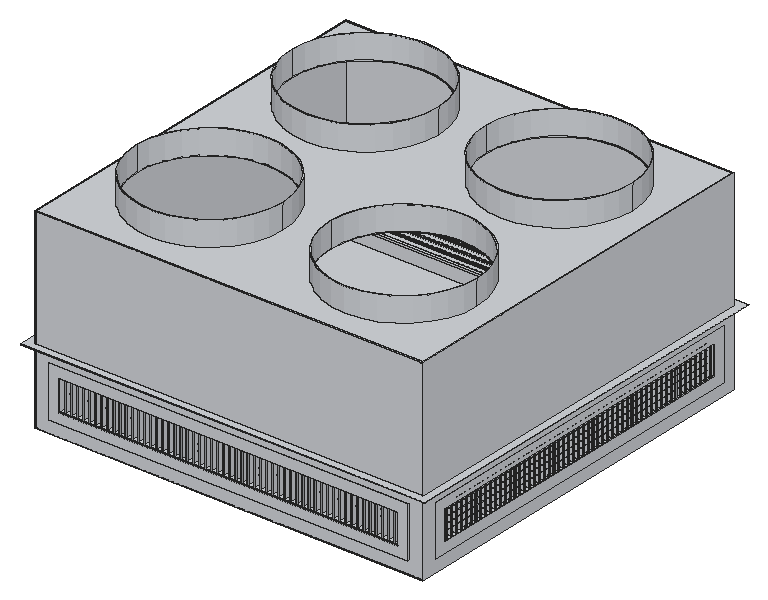
Revit family "model CO-40 diffuser", category Mechanical Equipment, Revit 2015
Parameters
  height [instance] = 2' - 0"
  Width = 3' - 11 3/4"
  Length = 3' - 11 3/4"
Reference planes (in)
  plane 1 "Center (Front/Back)": y = 0
  plane 2: z = 0
  plane 3 "Center (Left/Right)": x = 0
  plane 4: y = 23.875
  plane 5: y = -23.875
  plane 6: x = -23.875
  plane 7: x = 23.875
  plane 8: z = -12
  plane 9: z = 12
  plane 10: x = -23.8272
  plane 11: y = -23.8272
  plane 12: x = 23.8272
  plane 13: y = 23.8272
  plane 14: z = 11.9522
  plane 15: x = -24.875
  plane 16: y = -24.875
  plane 17: x = 24.875
  plane 18: y = 24.875
  plane 19: z = -11.9522
  plane 20: x = -11.9375
  plane 21: x = 11.9375
  plane 22: z = 15
  plane 23: z = -7.50092
  plane 24: x = -21
  plane 25: x = 21
  plane 26: y = 11.9375
  plane 27: y = -11.9375
  plane 28: y = 21
  plane 29: y = -21
  plane 30: y = 13
  plane 31: y = -13
  plane 32: x = -13
  plane 33: x = 13
  plane 34: z = -2.625
  plane 35: z = -2.6728
  plane 36: z = -5.2647
Forms (in)
  Extrusion 1, solid
    sketch origin (0, 0, 0) x (1, 0, 0) y (0, 1, 0)
      loop
        line (-23.875, 23.875) -> (-23.875, -23.875) -> (23.875, -23.875) -> (23.875, 23.875) -> (-23.875, 23.875)
    from 12 to 11.9522
  Extrusion 2, solid
    sketch origin (0, 0, 0) x (1, 0, 0) y (0, 1, 0)
      loop
        line (-23.875, 23.875) -> (-23.875, -23.875) -> (23.875, -23.875) -> (23.875, 23.875) -> (-23.875, 23.875)
      loop
        line (-23.8272, 23.8272) -> (-23.8272, -23.8272) -> (23.8272, -23.8272) -> (23.8272, 23.8272) -> (-23.8272, 23.8272)
    from 12 to -12
  Extrusion 3, solid
    sketch origin (0, 0, 0) x (1, 0, 0) y (0, 1, 0)
      loop
        line (-24.875, 24.875) -> (-24.875, -24.875) -> (24.875, -24.875) -> (24.875, 24.875) -> (-24.875, 24.875)
      loop
        line (23.875, -23.875) -> (23.875, 23.875) -> (-23.875, 23.875) -> (-23.875, -23.875) -> (23.875, -23.875)
    from -2.625 to -2.6728
  Extrusion 4, solid
    sketch origin (0, 0, 0) x (1, 0, 0) y (0, 1, 0)
      loop
        line (-23.875, 23.875) -> (-23.875, -23.875) -> (23.875, -23.875) -> (23.875, 23.875) -> (-23.875, 23.875)
    from -11.9522 to -12
  Extrusion 5, void
    sketch origin (0, 0, 0) x (1, 0, 0) y (0, 1, 0)
      loop
        circle (-11.9375, -11.9375) r 9
    from 0 to 15
  Extrusion 6, void
    sketch origin (23.875, 0, 0) x (1, 0, 0) y (0, 1, 0)
      loop
        circle (-11.9375, -11.9375) r 9
    from 0 to 15
  Extrusion 7, void
    sketch origin (0, 23.875, 0) x (1, 0, 0) y (0, 1, 0)
      loop
        circle (-11.9375, -11.9375) r 9
    from 0 to 15
  Extrusion 8, void
    sketch origin (23.875, 23.875, 0) x (1, 0, 0) y (0, 1, 0)
      loop
        circle (-11.9375, -11.9375) r 9
    from 0 to 15
  Extrusion 9, solid
    sketch origin (0, 0, 0) x (1, 0, 0) y (0, 1, 0)
      loop
        circle (-11.9375, -11.9375) r 9
      loop
        circle (-11.9375, -11.9375) r 9.0478
    from 11.9522 to 15
  Extrusion 10, solid
    sketch origin (23.875, 0, 0) x (1, 0, 0) y (0, 1, 0)
      loop
        circle (-11.9375, -11.9375) r 9
      loop
        circle (-11.9375, -11.9375) r 9.0478
    from 12 to 15
  Extrusion 11, solid
    sketch origin (0, 23.9375, 0) x (1, 0, 0) y (0, 1, 0)
      loop
        circle (-11.9375, -11.9375) r 9
      loop
        circle (-11.9375, -11.9375) r 9.0478
    from 12 to 15
  Extrusion 12, solid
    sketch origin (23.875, 23.9375, 0) x (1, 0, 0) y (0, 1, 0)
      loop
        circle (-11.9375, -11.9375) r 9
      loop
        circle (-11.9375, -11.9375) r 9.0478
    from 12 to 15
  Extrusion 13, void
    sketch origin (0, 0, -1.76378) x (0, 1, 0) y (0, 0, 1)
      loop
        line (21, -3.50092) -> (-21, -3.50092) -> (-21, -7.50092) -> (21, -7.50092) -> (21, -3.50092)
    from -32.01831 to 50
  Extrusion 14, void
    sketch origin (0, 0, -1.76377) x (1, 0, 0) y (0, 0, 1)
      loop
        line (-21, -3.50092) -> (-21, -7.50092) -> (21, -7.50092) -> (21, -3.50092) -> (-21, -3.50092)
    from -34.79944 to 50
  Extrusion 15, void
    sketch origin (0, 0, 0) x (1, 0, 0) y (0, 1, 0)
      loop
        line (-13, 13) -> (-13, -13) -> (13, -13) -> (13, 13) -> (-13, 13)
    from 6 to -12
Cuts and joins
  Extrusion 5, Extrusion 6, Extrusion 7, Extrusion 8 cuts Extrusion 1
  Extrusion 13, Extrusion 14 cuts Extrusion 2
  Extrusion 15 cuts Extrusion 4
Dimensions and locks (in)
  equal spacing: plane 6, plane 3 "Center (Left/Right)", plane 7
  "Length": plane 6 to plane 7
  equal spacing: plane 4, plane 1 "Center (Front/Back)", plane 5
  "Width": plane 4 to plane 5
  locked: plane 6 to plane 10 at 0.0478
  locked: plane 12 to plane 7 at 0.0478
  locked: plane 11 to plane 5 at 0.0478
  locked: plane 13 to plane 4 at 0.0478
  equal spacing: plane 9, level, plane 8
  "height": plane 9 to plane 8
  locked: plane 9 to plane 14 at 0.0478
  locked: plane 5 to plane 16 at 1
  locked: plane 7 to plane 17 at 1
  locked: plane 18 to plane 4 at 1
  locked: plane 15 to plane 6 at 1
  locked: plane 19 to plane 8 at 0.0478
  locked: plane 20 to plane 3 "Center (Left/Right)" at 11.9375
  locked: plane 3 "Center (Left/Right)" to plane 21 at 11.9375
  locked: plane 22 to plane 9 at 3
  locked: plane 3 "Center (Left/Right)" to plane 24 at 21
  locked: plane 25 to plane 3 "Center (Left/Right)" at 21
  locked: plane 1 "Center (Front/Back)" to plane 26 at 11.9375
  locked: plane 27 to plane 1 "Center (Front/Back)" at 11.9375
  plane 28 to plane 1 "Center (Front/Back)" = 1' - 9"
  plane 1 "Center (Front/Back)" to plane 29 = 1' - 9"
  locked: plane 30 to plane 31 at 26
  locked: plane 32 to plane 33 at 26
  locked: plane 34 to plane 8 at 9.375
  locked: plane 34 to plane 35 at 0.0478
  aligned and locked: level to plane 2
  aligned and locked: plane 4 to Extrusion 1
  aligned and locked: plane 6 to Extrusion 1
  aligned and locked: Extrusion 1 to plane 7
  aligned and locked: Extrusion 1 to plane 5
  aligned and locked: plane 9 to Extrusion 1
  aligned and locked: Extrusion 1 to plane 14
  aligned and locked: plane 9 to Extrusion 2
  aligned and locked: Extrusion 2 to plane 8
  aligned and locked: Extrusion 2 to plane 7
  aligned and locked: plane 4 to Extrusion 2
  aligned and locked: plane 13 to Extrusion 2
  aligned and locked: Extrusion 2 to plane 12
  aligned and locked: Extrusion 2 to plane 5
  aligned and locked: plane 6 to Extrusion 2
  aligned and locked: plane 10 to Extrusion 2
  aligned and locked: plane 11 to Extrusion 2
  aligned and locked: Extrusion 4 to plane 19
  aligned and locked: Extrusion 4 to plane 8
  aligned and locked: plane 6 to Extrusion 4
  aligned and locked: plane 4 to Extrusion 4
  aligned and locked: Extrusion 4 to plane 5
  aligned and locked: Extrusion 4 to plane 7
  aligned and locked: Extrusion 9 to plane 14
  aligned and locked: plane 22 to Extrusion 9
  aligned and locked: plane 9 to cut or joined group of Extrusion 1, Extrusion 5, Extrusion 6, Extrusion 7, Extrusion 8
  aligned and locked: plane 22 to Extrusion 10
  aligned and locked: plane 22 to Extrusion 11
  aligned and locked: plane 22 to Extrusion 12
  aligned and locked: nested 1 to plane 1 "Center (Front/Back)"
  aligned and locked: plane 7 to nested 1
  aligned and locked: plane 28 to nested 2
  aligned and locked: nested 2 to plane 29
  aligned and locked: plane 6 to cut or joined group of Extrusion 2, Extrusion 13, Extrusion 14
  aligned and locked: plane 3 "Center (Left/Right)" to nested 3
  aligned and locked: plane 25 to nested 3
  aligned and locked: plane 5 to nested 3
  aligned and locked: plane 4 to cut or joined group of Extrusion 2, Extrusion 13, Extrusion 14
  aligned and locked: plane 24 to nested 4
  aligned and locked: nested 4 to plane 25
  aligned and locked: nested 5 to plane 30
  aligned and locked: nested 5 to plane 31
  aligned and locked: plane 8 to nested 5
  aligned and locked: nested 5 to plane 32
  aligned and locked: plane 33 to cut or joined group of Extrusion 4, Extrusion 15
  aligned and locked: plane 30 to cut or joined group of Extrusion 4, Extrusion 15
  aligned and locked: Extrusion 11 to plane 9
  aligned and locked: Extrusion 12 to plane 9
  aligned and locked: Extrusion 10 to plane 9
  aligned and locked: plane 34 to Extrusion 3
  aligned and locked: Extrusion 3 to plane 35
  aligned and locked: plane 18 to Extrusion 3
  aligned and locked: Extrusion 3 to plane 16
  aligned and locked: nested 2 to plane 36
  aligned and locked: plane 36 to nested 1
  aligned and locked: nested 4 to plane 36
  aligned and locked: plane 36 to nested 3
Automatic sketch dimensions
  Extrusion 1 sketch curve to plane 5 = 0' - 0"
  Extrusion 1 sketch curve to plane 6 = 0' - 0"
  Extrusion 1 sketch curve to plane 7 = 0' - 0"
  Extrusion 1 sketch curve to plane 4 = 0' - 0"
  Extrusion 2 sketch curve to plane 5 = 0' - 0"
  Extrusion 2 sketch curve to plane 6 = 0' - 0"
  Extrusion 2 sketch curve to plane 10 = 0' - 0"
  Extrusion 2 sketch curve to plane 12 = 0' - 0"
  Extrusion 2 sketch curve to plane 4 = 0' - 0"
  Extrusion 2 sketch curve to plane 7 = 0' - 0"
  Extrusion 2 sketch curve to plane 11 = 0' - 0"
  plane 13 to Extrusion 2 sketch curve = 0' - 0"
  Extrusion 3 sketch curve to plane 15 = 0' - 0"
  Extrusion 3 sketch curve to plane 4 = 0' - 0"
  Extrusion 3 sketch curve to plane 6 = 0' - 0"
  Extrusion 3 sketch curve to plane 7 = 0' - 0"
  Extrusion 3 sketch curve to plane 16 = 0' - 0"
  Extrusion 3 sketch curve to plane 17 = 0' - 0"
  Extrusion 3 sketch curve to plane 5 = 0' - 0"
  Extrusion 3 sketch curve to plane 18 = 0' - 0"
  Extrusion 4 sketch curve to plane 5 = 0' - 0"
  Extrusion 4 sketch curve to plane 6 = 0' - 0"
  Extrusion 4 sketch curve to plane 7 = 0' - 0"
  Extrusion 4 sketch curve to plane 4 = 0' - 0"
  Extrusion 5 sketch curve to plane 20 = 0' - 0"
  Extrusion 5 sketch curve to plane 27 = 0' - 0"
  Extrusion 6 sketch curve to plane 21 = 0' - 0"
  Extrusion 6 sketch curve to plane 27 = 0' - 0"
  Extrusion 7 sketch curve to plane 20 = 0' - 0"
  Extrusion 7 sketch curve to plane 26 = 0' - 0"
  Extrusion 8 sketch curve to plane 21 = 0' - 0"
  Extrusion 8 sketch curve to plane 26 = 0' - 0"
  Extrusion 9 sketch curve to Extrusion 9 sketch curve = 0' - 0"  (x2)
  Extrusion 9 sketch curve to plane 20 = 0' - 0"
  Extrusion 9 sketch curve to plane 27 = 0' - 0"
  Extrusion 10 sketch curve to Extrusion 10 sketch curve = 0' - 0"  (x2)
  Extrusion 10 sketch curve to plane 21 = 0' - 0"
  Extrusion 10 sketch curve to plane 27 = 0' - 0"
  Extrusion 11 sketch curve to Extrusion 11 sketch curve = 0' - 0"  (x2)
  Extrusion 11 sketch curve to plane 20 = 0' - 0"
  plane 26 to Extrusion 11 sketch curve = 0' - 0 1/16"
  Extrusion 12 sketch curve to Extrusion 12 sketch curve = 0' - 0"  (x2)
  Extrusion 12 sketch curve to plane 21 = 0' - 0"
  plane 26 to Extrusion 12 sketch curve = 0' - 0 1/16"
  Extrusion 13 sketch curve to plane 29 = 0' - 0"
  Extrusion 13 sketch curve to plane 23 = 0' - 1.76378"
  Extrusion 13 sketch curve to plane 28 = 0' - 0"
  Extrusion 14 sketch curve to plane 23 = 0' - 1.76377"
  Extrusion 14 sketch curve to plane 24 = 0' - 0"
  Extrusion 14 sketch curve to plane 25 = 0' - 0"
  Extrusion 15 sketch curve to plane 31 = 0' - 0"
  Extrusion 15 sketch curve to plane 32 = 0' - 0"
  Extrusion 15 sketch curve to plane 33 = 0' - 0"
  Extrusion 15 sketch curve to plane 30 = 0' - 0"
  Extrusion 13 sketch curve to plane 36 = 0' - 0"
  Extrusion 14 sketch curve to plane 36 = 0' - 0"
  radius of Extrusion 5 sketch curve = 0' - 9"
  radius of Extrusion 6 sketch curve = 0' - 9"
  radius of Extrusion 7 sketch curve = 0' - 9"
  radius of Extrusion 8 sketch curve = 0' - 9"
  radius of Extrusion 9 sketch curve = 0' - 9"
  radius of Extrusion 9 sketch curve = 0' - 9.0478"
  radius of Extrusion 10 sketch curve = 0' - 9"
  radius of Extrusion 10 sketch curve = 0' - 9.0478"
  radius of Extrusion 11 sketch curve = 0' - 9"
  radius of Extrusion 11 sketch curve = 0' - 9.0478"
  radius of Extrusion 12 sketch curve = 0' - 9"
  radius of Extrusion 12 sketch curve = 0' - 9.0478"
Nested families (in)
  nested 1: "Double Diffuser Grille 4" at (22.25, 0, -7.2647) x (0, 1, 0) z (0, 0, 1), type "Double Diffuser Grille 4"
    with Vert. Spacing 0' - 0 3/4", Vert. Number 28, Vert. Blade Height 0' - 3 5/8", Horiz. Spacing 0' - 0 3/4", Horiz. Number 3, Horiz. Blade Width 3' - 5 5/8"
  nested 2: "Double Diffuser Grille 4" at (-22.25, 0, -7.2647) x (0, 1, 0) z (0, 0, 1), type "Double Diffuser Grille 4"
    with Vert. Spacing 0' - 0 3/4", Vert. Number 28, Vert. Blade Height 0' - 3 5/8", Horiz. Spacing 0' - 0 3/4", Horiz. Number 3, Horiz. Blade Width 3' - 5 5/8"
  nested 3: "Double Diffuser Grille 4" at (0, -22.25, -7.2647), type "Double Diffuser Grille 4"
    with Vert. Spacing 0' - 0 3/4", Vert. Number 28, Vert. Blade Height 0' - 3 5/8", Horiz. Spacing 0' - 0 3/4", Horiz. Number 3, Horiz. Blade Width 3' - 5 5/8"
  nested 4: "Double Diffuser Grille 4" at (0, 22.25, -7.2647), type "Double Diffuser Grille 4"
    with Vert. Spacing 0' - 0 3/4", Vert. Number 28, Vert. Blade Height 0' - 3 5/8", Horiz. Spacing 0' - 0 3/4", Horiz. Number 3, Horiz. Blade Width 3' - 5 5/8"
  nested 5: "egg crate grille 4" at (0, 0, -10.375) x (1, 0, 0) z (0, -1, 0), type "egg crate grille 4"
    with Vert. Spacing 0' - 0 3/4", Vert. Number 25, Vert. Blade Height 2' - 1 5/8", Horiz. Spacing 0' - 0 3/4", Horiz. Number 25, Horiz. Blade Width 2' - 1 5/8"
Definition of nested family "Double Diffuser Grille 4"
  Parameters (values of type "Double Diffuser Grille 4")
    Vert. Spacing [instance] = 0' - 0 3/4"
    Vert. Number [instance] = ((Grille Width - 0' 0 1/4") / 0' 0 3/4") / 2  # 28
    Vert. Blade Height [instance] = Grille Height - 0' 0 3/8"  # 0' - 3 5/8"
    Horiz. Spacing [instance] = 0' - 0 3/4"
    Horiz. Number [instance] = ((Grille Height - 0' 0 1/4") / 0' 0 3/4") / 2  # 3
    Horiz. Blade Width [instance] = Grille Width - 0' 0 3/8"  # 3' - 5 5/8"
    Grille Width = 3' - 6"
    Grille Height = 0' - 4"
  Reference planes (in)
    plane 1 "Center (Front/Back)": y = 0
    plane 2: z = 0
    plane 3 "Center (Left/Right)": x = 0
    plane 4: y = -1.75
    plane 5: y = -1.625
    plane 6: x = -21
    plane 7: x = 21
    plane 8: z = -2
    plane 9: z = 2
    plane 10: x = -20.875
    plane 11: z = 1.875
    plane 12: z = -1.875
    plane 13: x = 20.875
    plane 14: x = 22.125
    plane 15: z = -3.125
    plane 16: z = 3.125
    plane 17: x = -22.125
    plane 18: y = -0.8125
  Forms (in)
    Extrusion 1, solid
      sketch origin (0, 0, 0) x (1, 0, 0) y (0, 0, 1)
        loop
          line (-21, -2) -> (21, -2) -> (21, 2) -> (-21, 2) -> (-21, -2)
        loop
          line (-20.875, -1.875) -> (20.875, -1.875) -> (20.875, 1.875) -> (-20.875, 1.875) -> (-20.875, -1.875)
      from 0 to 1.625
    Extrusion 2, solid
      sketch origin (0, 0, 0) x (1, 0, 0) y (0, 0, 1)
        loop
          line (-22.125, -3.125) -> (22.125, -3.125) -> (22.125, 3.125) -> (-22.125, 3.125) -> (-22.125, -3.125)
        loop
          line (-20.875, -1.875) -> (20.875, -1.875) -> (20.875, 1.875) -> (-20.875, 1.875) -> (-20.875, -1.875)
      from 1.625 to 1.75
  Dimensions and locks (in)
    locked: plane 5 to plane 4 at 0.125
    locked: plane 1 "Center (Front/Back)" to plane 5 at 1.625
    equal spacing: plane 9, level, plane 8
    "Grille Height": plane 9 to plane 8
    equal spacing: plane 6, plane 3 "Center (Left/Right)", plane 7
    "Grille Width": plane 6 to plane 7
    locked: plane 9 to plane 11 at 0.125
    locked: plane 12 to plane 8 at 0.125
    locked: plane 6 to plane 10 at 0.125
    locked: plane 7 to plane 13 at 0.125
    locked: plane 16 to plane 9 at 1.125
    locked: plane 8 to plane 15 at 1.125
    locked: plane 6 to plane 17 at 1.125
    locked: plane 14 to plane 7 at 1.125
    locked: plane 1 "Center (Front/Back)" to plane 18 at 0.8125
    equal spacing: group 1, group 2, group 4, group 5, group 6, group 7, group 8, group 9, group 10, group 11, group 12, group 13, group 29, group 30, group 31, group 32, group 37, group 38, group 39, group 40, group 41, group 42, group 43, group 44, group 45, group 46, group 47, group 48  (x3)
    "Vert. Spacing": nested 1 to nested 3
    equal spacing: group 60, group 59, group 58, group 57, group 56, group 55, group 54, group 53, group 52, group 51, group 50, group 49, group 36, group 35, group 34, group 33, group 23, group 22, group 21, group 20, group 19, group 18, group 17, group 16, group 15, group 14, group 3, group 1
    equal spacing: group 1, group 3, group 14, group 15, group 16, group 17, group 18, group 19, group 20, group 21, group 22, group 23, group 33, group 34, group 35, group 36, group 49, group 50, group 51, group 52, group 53, group 54, group 55, group 56, group 57, group 58, group 59, group 60  (x2)
    "Vert. Spacing": nested 4 to nested 1
    equal spacing: group 24, group 25, group 27  (x3)
    "Horiz. Spacing": nested 25 to nested 2
    equal spacing: group 24, group 26, group 28  (x2)
    equal spacing: group 28, group 26, group 24
    "Horiz. Spacing": nested 2 to nested 26
    aligned and locked: level to plane 2
    aligned and locked: plane 6 to Extrusion 1 sketch curve
    aligned and locked: plane 9 to Extrusion 1 sketch curve
    aligned and locked: Extrusion 1 sketch curve to plane 8
    aligned and locked: plane 7 to Extrusion 1 sketch curve
    aligned and locked: plane 13 to Extrusion 1 sketch curve
    aligned and locked: plane 12 to Extrusion 1 sketch curve
    aligned and locked: plane 10 to Extrusion 1 sketch curve
    aligned and locked: plane 11 to Extrusion 1 sketch curve
    aligned and locked: Extrusion 1 to plane 1 "Center (Front/Back)"
    aligned and locked: Extrusion 1 to plane 5
    aligned and locked: Extrusion 2 sketch curve to plane 17
    aligned and locked: Extrusion 2 sketch curve to plane 16
    aligned and locked: Extrusion 2 sketch curve to plane 14
    aligned and locked: plane 15 to Extrusion 2 sketch curve
    aligned and locked: plane 12 to Extrusion 2 sketch curve
    aligned and locked: plane 13 to Extrusion 2 sketch curve
    aligned and locked: plane 11 to Extrusion 2 sketch curve
    aligned and locked: plane 10 to Extrusion 2 sketch curve
    aligned and locked: plane 5 to Extrusion 2
    aligned and locked: Extrusion 2 to plane 4
    aligned and locked: nested 1 to plane 5
    aligned and locked: nested 1 to plane 3 "Center (Left/Right)"
    aligned and locked: nested 2 to plane 18
    aligned and locked: plane 3 "Center (Left/Right)" to nested 2
  Nested families (in)
    nested 1: "Vertical Blade" at (-0.08237, -1.625, 0), type "Vertical Blade"
      with H 0' - 3 5/8"
    nested 2: "Horizontal Blade" at (0, -0.8125, 0), type "Horizontal Blade"
      with L 3' - 5 5/8"
    nested 3: "Vertical Blade" at (0.66763, -1.625, 0), type "Vertical Blade"
      with H 0' - 3 5/8"
    nested 4: "Vertical Blade" at (-0.83237, -1.625, 0), type "Vertical Blade"
      with H 0' - 3 5/8"
    nested 5: "Vertical Blade" at (1.41763, -1.625, 0), type "Vertical Blade"
      with H 0' - 3 5/8"
    nested 6: "Vertical Blade" at (2.16763, -1.625, 0), type "Vertical Blade"
      with H 0' - 3 5/8"
    nested 7: "Vertical Blade" at (2.91763, -1.625, 0), type "Vertical Blade"
      with H 0' - 3 5/8"
    nested 8: "Vertical Blade" at (3.66763, -1.625, 0), type "Vertical Blade"
      with H 0' - 3 5/8"
    nested 9: "Vertical Blade" at (4.41763, -1.625, 0), type "Vertical Blade"
      with H 0' - 3 5/8"
    nested 10: "Vertical Blade" at (5.16763, -1.625, 0), type "Vertical Blade"
      with H 0' - 3 5/8"
    nested 11: "Vertical Blade" at (5.91763, -1.625, 0), type "Vertical Blade"
      with H 0' - 3 5/8"
    nested 12: "Vertical Blade" at (6.66763, -1.625, 0), type "Vertical Blade"
      with H 0' - 3 5/8"
    nested 13: "Vertical Blade" at (7.41763, -1.625, 0), type "Vertical Blade"
      with H 0' - 3 5/8"
    nested 14: "Vertical Blade" at (8.16763, -1.625, 0), type "Vertical Blade"
      with H 0' - 3 5/8"
    nested 15: "Vertical Blade" at (-1.58237, -1.625, 0), type "Vertical Blade"
      with H 0' - 3 5/8"
    nested 16: "Vertical Blade" at (-2.33237, -1.625, 0), type "Vertical Blade"
      with H 0' - 3 5/8"
    nested 17: "Vertical Blade" at (-3.08237, -1.625, 0), type "Vertical Blade"
      with H 0' - 3 5/8"
    nested 18: "Vertical Blade" at (-3.83237, -1.625, 0), type "Vertical Blade"
      with H 0' - 3 5/8"
    nested 19: "Vertical Blade" at (-4.58237, -1.625, 0), type "Vertical Blade"
      with H 0' - 3 5/8"
    nested 20: "Vertical Blade" at (-5.33237, -1.625, 0), type "Vertical Blade"
      with H 0' - 3 5/8"
    nested 21: "Vertical Blade" at (-6.08237, -1.625, 0), type "Vertical Blade"
      with H 0' - 3 5/8"
    nested 22: "Vertical Blade" at (-6.83237, -1.625, 0), type "Vertical Blade"
      with H 0' - 3 5/8"
    nested 23: "Vertical Blade" at (-7.58237, -1.625, 0), type "Vertical Blade"
      with H 0' - 3 5/8"
    nested 24: "Vertical Blade" at (-8.33237, -1.625, 0), type "Vertical Blade"
      with H 0' - 3 5/8"
    nested 25: "Horizontal Blade" at (0, -0.8125, 0.75), type "Horizontal Blade"
      with L 3' - 5 5/8"
    nested 26: "Horizontal Blade" at (0, -0.8125, -0.75), type "Horizontal Blade"
      with L 3' - 5 5/8"
    nested 27: "Horizontal Blade" at (0, -0.8125, 1.5), type "Horizontal Blade"
      with L 3' - 5 5/8"
    nested 28: "Horizontal Blade" at (0, -0.8125, -1.5), type "Horizontal Blade"
      with L 3' - 5 5/8"
    nested 29: "Vertical Blade" at (8.91763, -1.625, 0), type "Vertical Blade"
      with H 0' - 3 5/8"
    nested 30: "Vertical Blade" at (9.66763, -1.625, 0), type "Vertical Blade"
      with H 0' - 3 5/8"
    nested 31: "Vertical Blade" at (10.41763, -1.625, 0), type "Vertical Blade"
      with H 0' - 3 5/8"
    nested 32: "Vertical Blade" at (11.16763, -1.625, 0), type "Vertical Blade"
      with H 0' - 3 5/8"
    nested 33: "Vertical Blade" at (-9.08237, -1.625, 0), type "Vertical Blade"
      with H 0' - 3 5/8"
    nested 34: "Vertical Blade" at (-9.83237, -1.625, 0), type "Vertical Blade"
      with H 0' - 3 5/8"
    nested 35: "Vertical Blade" at (-10.58237, -1.625, 0), type "Vertical Blade"
      with H 0' - 3 5/8"
    nested 36: "Vertical Blade" at (-11.33237, -1.625, 0), type "Vertical Blade"
      with H 0' - 3 5/8"
    nested 37: "Vertical Blade" at (11.91763, -1.625, 0), type "Vertical Blade"
      with H 0' - 3 5/8"
    nested 38: "Vertical Blade" at (12.66763, -1.625, 0), type "Vertical Blade"
      with H 0' - 3 5/8"
    nested 39: "Vertical Blade" at (13.41763, -1.625, 0), type "Vertical Blade"
      with H 0' - 3 5/8"
    nested 40: "Vertical Blade" at (14.16763, -1.625, 0), type "Vertical Blade"
      with H 0' - 3 5/8"
    nested 41: "Vertical Blade" at (14.91763, -1.625, 0), type "Vertical Blade"
      with H 0' - 3 5/8"
    nested 42: "Vertical Blade" at (15.66763, -1.625, 0), type "Vertical Blade"
      with H 0' - 3 5/8"
    nested 43: "Vertical Blade" at (16.41763, -1.625, 0), type "Vertical Blade"
      with H 0' - 3 5/8"
    nested 44: "Vertical Blade" at (17.16763, -1.625, 0), type "Vertical Blade"
      with H 0' - 3 5/8"
    nested 45: "Vertical Blade" at (17.91763, -1.625, 0), type "Vertical Blade"
      with H 0' - 3 5/8"
    nested 46: "Vertical Blade" at (18.66763, -1.625, 0), type "Vertical Blade"
      with H 0' - 3 5/8"
    nested 47: "Vertical Blade" at (19.41763, -1.625, 0), type "Vertical Blade"
      with H 0' - 3 5/8"
    nested 48: "Vertical Blade" at (20.16763, -1.625, 0), type "Vertical Blade"
      with H 0' - 3 5/8"
    nested 49: "Vertical Blade" at (-12.08237, -1.625, 0), type "Vertical Blade"
      with H 0' - 3 5/8"
    nested 50: "Vertical Blade" at (-12.83237, -1.625, 0), type "Vertical Blade"
      with H 0' - 3 5/8"
    nested 51: "Vertical Blade" at (-13.58237, -1.625, 0), type "Vertical Blade"
      with H 0' - 3 5/8"
    nested 52: "Vertical Blade" at (-14.33237, -1.625, 0), type "Vertical Blade"
      with H 0' - 3 5/8"
    nested 53: "Vertical Blade" at (-15.08237, -1.625, 0), type "Vertical Blade"
      with H 0' - 3 5/8"
    nested 54: "Vertical Blade" at (-15.83237, -1.625, 0), type "Vertical Blade"
      with H 0' - 3 5/8"
    nested 55: "Vertical Blade" at (-16.58237, -1.625, 0), type "Vertical Blade"
      with H 0' - 3 5/8"
    nested 56: "Vertical Blade" at (-17.33237, -1.625, 0), type "Vertical Blade"
      with H 0' - 3 5/8"
    nested 57: "Vertical Blade" at (-18.08237, -1.625, 0), type "Vertical Blade"
      with H 0' - 3 5/8"
    nested 58: "Vertical Blade" at (-18.83237, -1.625, 0), type "Vertical Blade"
      with H 0' - 3 5/8"
    nested 59: "Vertical Blade" at (-19.58237, -1.625, 0), type "Vertical Blade"
      with H 0' - 3 5/8"
    nested 60: "Vertical Blade" at (-20.33237, -1.625, 0), type "Vertical Blade"
      with H 0' - 3 5/8"
  Definition of nested family "Vertical Blade"
    Parameters (values of type "Vertical Blade")
      H = 2' - 0"
    Reference planes (in)
      plane 1 "Center (Front/Back)": y = 0
      plane 2: z = 0
      plane 3 "Center (Left/Right)": x = 0
      plane 4: z = 12
      plane 5: z = -12
    Forms (in)
      Extrusion 1, solid
        sketch origin (0, -0.05958, 0) x (1, 0, 0) y (0, 1, 0)
          loop
            arc (0.08237, 0.17216) -> (0.04492, 0.11716) -> (0.07825, 0.05958) r 0.0625
            line (0.07825, 0.05958) -> (0.1365, 0.05958)
            arc (0.1365, 0.05958) -> (0.16983, 0.11716) -> (0.13237, 0.17216) r 0.0625
            line (0.13237, 0.17216) -> (0.13237, 0.80238) -> (0.08237, 0.80238) -> (0.08237, 0.17216)
        from -12 to 12
    Dimensions and locks (in)
      equal spacing: plane 4, level, plane 5
      "H": plane 4 to plane 5
      aligned and locked: level to plane 2
      aligned and locked: plane 4 to Extrusion 1
      aligned and locked: Extrusion 1 to plane 5
    Automatic sketch dimensions
      Extrusion 1 sketch curve to Extrusion 1 sketch curve = 0' - 0"  (x2)
      plane 1 "Center (Front/Back)" to Extrusion 1 sketch curve = 0' - 0"
      plane 3 "Center (Left/Right)" to Extrusion 1 sketch curve = 0' - 0.07825"
      plane 3 "Center (Left/Right)" to Extrusion 1 sketch curve = 0' - 0.08237"
      Extrusion 1 sketch curve to Extrusion 1 sketch curve = 0' - 0.02912"
      Extrusion 1 sketch curve to Extrusion 1 sketch curve = 0' - 0.05"
      Extrusion 1 sketch curve to Extrusion 1 sketch curve = 0' - 0.05825"
      Extrusion 1 sketch curve to plane 1 "Center (Front/Back)" = 0' - 0.0553"
      Extrusion 1 sketch curve to Extrusion 1 sketch curve = 0' - 0.63022"
  Definition of nested family "Horizontal Blade"
    Parameters (values of type "Horizontal Blade")
      L = 3' - 0"
    Reference planes (in)
      plane 1 "Center (Front/Back)": y = 0
      plane 2: z = 0
      plane 3 "Center (Left/Right)": x = 0
      plane 4: x = -18
      plane 5: x = 18
    Forms (in)
      Extrusion 1, solid
        sketch origin (0.10737, -0.05958, -0.10737) x (0, 0, 1) y (0, 1, 0)
          loop
            arc (0.08237, 0.17216) -> (0.04492, 0.11716) -> (0.07825, 0.05958) r 0.0625
            line (0.07825, 0.05958) -> (0.1365, 0.05958)
            arc (0.1365, 0.05958) -> (0.16983, 0.11716) -> (0.13237, 0.17216) r 0.0625
            line (0.13237, 0.17216) -> (0.13237, 0.80238) -> (0.08237, 0.80238) -> (0.08237, 0.17216)
        from -17.89263 to 18.10737
    Dimensions and locks (in)
      equal spacing: plane 4, plane 3 "Center (Left/Right)", plane 5
      "L": plane 4 to plane 5
      aligned and locked: level to plane 2
      aligned and locked: plane 4 to Extrusion 1
      aligned and locked: plane 5 to Extrusion 1
    Automatic sketch dimensions
      Extrusion 1 sketch curve to Extrusion 1 sketch curve = 0' - 0"  (x2)
      Extrusion 1 sketch curve to plane 1 "Center (Front/Back)" = 0' - 0"
      Extrusion 1 sketch curve to level = 0' - 0"
      Extrusion 1 sketch curve to level = 0' - 0.025"
      Extrusion 1 sketch curve to level = 0' - 0.02912"
      level to Extrusion 1 sketch curve = 0' - 0.025"
      level to Extrusion 1 sketch curve = 0' - 0.02912"
      Extrusion 1 sketch curve to plane 1 "Center (Front/Back)" = 0' - 0.0553"
      Extrusion 1 sketch curve to Extrusion 1 sketch curve = 0' - 0.63022"
Definition of nested family "egg crate grille 4"
  Parameters (values of type "egg crate grille 4")
    Vert. Spacing [instance] = 0' - 0 3/4"
    Vert. Number [instance] = ((Grille Width - 0' 0 11/16") / 0' 1")  # 25
    Vert. Blade Height [instance] = Grille Height - 0' 0 3/8"  # 2' - 1 5/8"
    Horiz. Spacing [instance] = 0' - 0 3/4"
    Horiz. Number [instance] = ((Grille Height - 0' 0 5/8") / 0' 1")  # 25
    Horiz. Blade Width [instance] = Grille Width - 0' 0 3/8"  # 2' - 1 5/8"
    Grille Width = 2' - 2"
    Grille Height = 2' - 2"
  Reference planes (in)
    plane 1 "Center (Front/Back)": y = 0
    plane 2: z = 0
    plane 3 "Center (Left/Right)": x = 0
    plane 4: y = -1.75
    plane 5: y = -1.625
    plane 6: x = -13
    plane 7: x = 13
    plane 8: z = -13
    plane 9: z = 13
    plane 10: x = -12.875
    plane 11: z = 12.875
    plane 12: z = -12.875
    plane 13: x = 12.875
    plane 14: x = 14.125
    plane 15: z = -14.125
    plane 16: z = 14.125
    plane 17: x = -14.125
    plane 18: y = -0.625
    plane 19: x = -11.875
    plane 20: z = 11.875
    plane 21: x = -15.3125
    plane 22: x = -11.8125
    plane 23: z = 11.8125
  Forms (in)
    Extrusion 1, solid
      sketch origin (0, 0, 0) x (1, 0, 0) y (0, 0, 1)
        loop
          line (-13, -13) -> (13, -13) -> (13, 13) -> (-13, 13) -> (-13, -13)
        loop
          line (-12.875, -12.875) -> (12.875, -12.875) -> (12.875, 12.875) -> (-12.875, 12.875) -> (-12.875, -12.875)
      from 0 to 1.625
    Extrusion 2, solid
      sketch origin (0, 0, 0) x (1, 0, 0) y (0, 0, 1)
        loop
          line (-14.125, -14.125) -> (14.125, -14.125) -> (14.125, 14.125) -> (-14.125, 14.125) -> (-14.125, -14.125)
        loop
          line (-12.875, -12.875) -> (12.875, -12.875) -> (12.875, 12.875) -> (-12.875, 12.875) -> (-12.875, -12.875)
      from 1.625 to 1.75
    Extrusion 3, solid
      sketch origin (0, 0, 0) x (1, 0, 0) y (0, 1, 0)
        loop
          line (-11.875, -1.75) -> (-11.8125, -1.75) -> (-11.8125, -0.625) -> (-11.875, -0.625) -> (-11.875, -1.75)
      from -12.875 to 12.875
    Extrusion 4, solid
      sketch origin (1, 0, 0) x (1, 0, 0) y (0, 1, 0)
        loop
          line (-11.875, -1.75) -> (-11.8125, -1.75) -> (-11.8125, -0.625) -> (-11.875, -0.625) -> (-11.875, -1.75)
      from -12.875 to 12.875
    Extrusion 5, solid
      sketch origin (2, 0, 0) x (1, 0, 0) y (0, 1, 0)
        loop
          line (-11.875, -1.75) -> (-11.8125, -1.75) -> (-11.8125, -0.625) -> (-11.875, -0.625) -> (-11.875, -1.75)
      from -12.875 to 12.875
    Extrusion 6, solid
      sketch origin (3, 0, 0) x (1, 0, 0) y (0, 1, 0)
        loop
          line (-11.875, -1.75) -> (-11.8125, -1.75) -> (-11.8125, -0.625) -> (-11.875, -0.625) -> (-11.875, -1.75)
      from -12.875 to 12.875
    Extrusion 7, solid
      sketch origin (4, 0, 0) x (1, 0, 0) y (0, 1, 0)
        loop
          line (-11.875, -1.75) -> (-11.8125, -1.75) -> (-11.8125, -0.625) -> (-11.875, -0.625) -> (-11.875, -1.75)
      from -12.875 to 12.875
    Extrusion 8, solid
      sketch origin (5, 0, 0) x (1, 0, 0) y (0, 1, 0)
        loop
          line (-11.875, -1.75) -> (-11.8125, -1.75) -> (-11.8125, -0.625) -> (-11.875, -0.625) -> (-11.875, -1.75)
      from -12.875 to 12.875
    Extrusion 9, solid
      sketch origin (6, 0, 0) x (1, 0, 0) y (0, 1, 0)
        loop
          line (-11.875, -1.75) -> (-11.8125, -1.75) -> (-11.8125, -0.625) -> (-11.875, -0.625) -> (-11.875, -1.75)
      from -12.875 to 12.875
    Extrusion 10, solid
      sketch origin (7, 0, 0) x (1, 0, 0) y (0, 1, 0)
        loop
          line (-11.875, -1.75) -> (-11.8125, -1.75) -> (-11.8125, -0.625) -> (-11.875, -0.625) -> (-11.875, -1.75)
      from -12.875 to 12.875
    Extrusion 11, solid
      sketch origin (8, 0, 0) x (1, 0, 0) y (0, 1, 0)
        loop
          line (-11.875, -1.75) -> (-11.8125, -1.75) -> (-11.8125, -0.625) -> (-11.875, -0.625) -> (-11.875, -1.75)
      from -12.875 to 12.875
    Extrusion 12, solid
      sketch origin (9, 0, 0) x (1, 0, 0) y (0, 1, 0)
        loop
          line (-11.875, -1.75) -> (-11.8125, -1.75) -> (-11.8125, -0.625) -> (-11.875, -0.625) -> (-11.875, -1.75)
      from -12.875 to 12.875
    Extrusion 13, solid
      sketch origin (10, 0, 0) x (1, 0, 0) y (0, 1, 0)
        loop
          line (-11.875, -1.75) -> (-11.8125, -1.75) -> (-11.8125, -0.625) -> (-11.875, -0.625) -> (-11.875, -1.75)
      from -12.875 to 12.875
    Extrusion 14, solid
      sketch origin (11, 0, 0) x (1, 0, 0) y (0, 1, 0)
        loop
          line (-11.875, -1.75) -> (-11.8125, -1.75) -> (-11.8125, -0.625) -> (-11.875, -0.625) -> (-11.875, -1.75)
      from -12.875 to 12.875
    Extrusion 15, solid
      sketch origin (12, 0, 0) x (1, 0, 0) y (0, 1, 0)
        loop
          line (-11.875, -1.75) -> (-11.8125, -1.75) -> (-11.8125, -0.625) -> (-11.875, -0.625) -> (-11.875, -1.75)
      from -12.875 to 12.875
    Extrusion 16, solid
      sketch origin (13, 0, 0) x (1, 0, 0) y (0, 1, 0)
        loop
          line (-11.875, -1.75) -> (-11.8125, -1.75) -> (-11.8125, -0.625) -> (-11.875, -0.625) -> (-11.875, -1.75)
      from -12.875 to 12.875
    Extrusion 17, solid
      sketch origin (14, 0, 0) x (1, 0, 0) y (0, 1, 0)
        loop
          line (-11.875, -1.75) -> (-11.8125, -1.75) -> (-11.8125, -0.625) -> (-11.875, -0.625) -> (-11.875, -1.75)
      from -12.875 to 12.875
    Extrusion 18, solid
      sketch origin (15, 0, 0) x (1, 0, 0) y (0, 1, 0)
        loop
          line (-11.875, -1.75) -> (-11.8125, -1.75) -> (-11.8125, -0.625) -> (-11.875, -0.625) -> (-11.875, -1.75)
      from -12.875 to 12.875
    Extrusion 19, solid
      sketch origin (16, 0, 0) x (1, 0, 0) y (0, 1, 0)
        loop
          line (-11.875, -1.75) -> (-11.8125, -1.75) -> (-11.8125, -0.625) -> (-11.875, -0.625) -> (-11.875, -1.75)
      from -12.875 to 12.875
    Extrusion 20, solid
      sketch origin (17, 0, 0) x (1, 0, 0) y (0, 1, 0)
        loop
          line (-11.875, -1.75) -> (-11.8125, -1.75) -> (-11.8125, -0.625) -> (-11.875, -0.625) -> (-11.875, -1.75)
      from -12.875 to 12.875
    Extrusion 21, solid
      sketch origin (18, 0, 0) x (1, 0, 0) y (0, 1, 0)
        loop
          line (-11.875, -1.75) -> (-11.8125, -1.75) -> (-11.8125, -0.625) -> (-11.875, -0.625) -> (-11.875, -1.75)
      from -12.875 to 12.875
    Extrusion 22, solid
      sketch origin (19, 0, 0) x (1, 0, 0) y (0, 1, 0)
        loop
          line (-11.875, -1.75) -> (-11.8125, -1.75) -> (-11.8125, -0.625) -> (-11.875, -0.625) -> (-11.875, -1.75)
      from -12.875 to 12.875
    Extrusion 23, solid
      sketch origin (20, 0, 0) x (1, 0, 0) y (0, 1, 0)
        loop
          line (-11.875, -1.75) -> (-11.8125, -1.75) -> (-11.8125, -0.625) -> (-11.875, -0.625) -> (-11.875, -1.75)
      from -12.875 to 12.875
    Extrusion 24, solid
      sketch origin (21, 0, 0) x (1, 0, 0) y (0, 1, 0)
        loop
          line (-11.875, -1.75) -> (-11.8125, -1.75) -> (-11.8125, -0.625) -> (-11.875, -0.625) -> (-11.875, -1.75)
      from -12.875 to 12.875
    Extrusion 25, solid
      sketch origin (22, 0, 0) x (1, 0, 0) y (0, 1, 0)
        loop
          line (-11.875, -1.75) -> (-11.8125, -1.75) -> (-11.8125, -0.625) -> (-11.875, -0.625) -> (-11.875, -1.75)
      from -12.875 to 12.875
    Extrusion 26, solid
      sketch origin (23, 0, 0) x (1, 0, 0) y (0, 1, 0)
        loop
          line (-11.875, -1.75) -> (-11.8125, -1.75) -> (-11.8125, -0.625) -> (-11.875, -0.625) -> (-11.875, -1.75)
      from -12.875 to 12.875
    Extrusion 27, solid
      sketch origin (24, 0, 0) x (1, 0, 0) y (0, 1, 0)
        loop
          line (-11.875, -1.75) -> (-11.8125, -1.75) -> (-11.8125, -0.625) -> (-11.875, -0.625) -> (-11.875, -1.75)
      from -12.875 to 12.875
    Extrusion 28, solid
      sketch origin (0, 0, 0) x (0, 1, 0) y (0, 0, 1)
        loop
          line (-1.75, 11.875) -> (-1.75, 11.8125) -> (-0.625, 11.8125) -> (-0.625, 11.875) -> (-1.75, 11.875)
      from -12.875 to 12.875
    Extrusion 29, solid
      sketch origin (0, 0, -1) x (0, 1, 0) y (0, 0, 1)
        loop
          line (-1.75, 11.875) -> (-1.75, 11.8125) -> (-0.625, 11.8125) -> (-0.625, 11.875) -> (-1.75, 11.875)
      from -12.875 to 12.875
    Extrusion 30, solid
      sketch origin (0, 0, -2) x (0, 1, 0) y (0, 0, 1)
        loop
          line (-1.75, 11.875) -> (-1.75, 11.8125) -> (-0.625, 11.8125) -> (-0.625, 11.875) -> (-1.75, 11.875)
      from -12.875 to 12.875
    Extrusion 31, solid
      sketch origin (0, 0, -3) x (0, 1, 0) y (0, 0, 1)
        loop
          line (-1.75, 11.875) -> (-1.75, 11.8125) -> (-0.625, 11.8125) -> (-0.625, 11.875) -> (-1.75, 11.875)
      from -12.875 to 12.875
    Extrusion 32, solid
      sketch origin (0, 0, -4) x (0, 1, 0) y (0, 0, 1)
        loop
          line (-1.75, 11.875) -> (-1.75, 11.8125) -> (-0.625, 11.8125) -> (-0.625, 11.875) -> (-1.75, 11.875)
      from -12.875 to 12.875
    Extrusion 33, solid
      sketch origin (0, 0, -5) x (0, 1, 0) y (0, 0, 1)
        loop
          line (-1.75, 11.875) -> (-1.75, 11.8125) -> (-0.625, 11.8125) -> (-0.625, 11.875) -> (-1.75, 11.875)
      from -12.875 to 12.875
    Extrusion 34, solid
      sketch origin (0, 0, -6) x (0, 1, 0) y (0, 0, 1)
        loop
          line (-1.75, 11.875) -> (-1.75, 11.8125) -> (-0.625, 11.8125) -> (-0.625, 11.875) -> (-1.75, 11.875)
      from -12.875 to 12.875
    Extrusion 35, solid
      sketch origin (0, 0, -7) x (0, 1, 0) y (0, 0, 1)
        loop
          line (-1.75, 11.875) -> (-1.75, 11.8125) -> (-0.625, 11.8125) -> (-0.625, 11.875) -> (-1.75, 11.875)
      from -12.875 to 12.875
    Extrusion 36, solid
      sketch origin (0, 0, -8) x (0, 1, 0) y (0, 0, 1)
        loop
          line (-1.75, 11.875) -> (-1.75, 11.8125) -> (-0.625, 11.8125) -> (-0.625, 11.875) -> (-1.75, 11.875)
      from -12.875 to 12.875
    Extrusion 37, solid
      sketch origin (0, 0, -9) x (0, 1, 0) y (0, 0, 1)
        loop
          line (-1.75, 11.875) -> (-1.75, 11.8125) -> (-0.625, 11.8125) -> (-0.625, 11.875) -> (-1.75, 11.875)
      from -12.875 to 12.875
    Extrusion 38, solid
      sketch origin (0, 0, -10) x (0, 1, 0) y (0, 0, 1)
        loop
          line (-1.75, 11.875) -> (-1.75, 11.8125) -> (-0.625, 11.8125) -> (-0.625, 11.875) -> (-1.75, 11.875)
      from -12.875 to 12.875
    Extrusion 39, solid
      sketch origin (0, 0, -11) x (0, 1, 0) y (0, 0, 1)
        loop
          line (-1.75, 11.875) -> (-1.75, 11.8125) -> (-0.625, 11.8125) -> (-0.625, 11.875) -> (-1.75, 11.875)
      from -12.875 to 12.875
    Extrusion 40, solid
      sketch origin (0, 0, -12) x (0, 1, 0) y (0, 0, 1)
        loop
          line (-1.75, 11.875) -> (-1.75, 11.8125) -> (-0.625, 11.8125) -> (-0.625, 11.875) -> (-1.75, 11.875)
      from -12.875 to 12.875
    Extrusion 41, solid
      sketch origin (0, 0, -13) x (0, 1, 0) y (0, 0, 1)
        loop
          line (-1.75, 11.875) -> (-1.75, 11.8125) -> (-0.625, 11.8125) -> (-0.625, 11.875) -> (-1.75, 11.875)
      from -12.875 to 12.875
    Extrusion 42, solid
      sketch origin (0, 0, -14) x (0, 1, 0) y (0, 0, 1)
        loop
          line (-1.75, 11.875) -> (-1.75, 11.8125) -> (-0.625, 11.8125) -> (-0.625, 11.875) -> (-1.75, 11.875)
      from -12.875 to 12.875
    Extrusion 43, solid
      sketch origin (0, 0, -15) x (0, 1, 0) y (0, 0, 1)
        loop
          line (-1.75, 11.875) -> (-1.75, 11.8125) -> (-0.625, 11.8125) -> (-0.625, 11.875) -> (-1.75, 11.875)
      from -12.875 to 12.875
    Extrusion 44, solid
      sketch origin (0, 0, -16) x (0, 1, 0) y (0, 0, 1)
        loop
          line (-1.75, 11.875) -> (-1.75, 11.8125) -> (-0.625, 11.8125) -> (-0.625, 11.875) -> (-1.75, 11.875)
      from -12.875 to 12.875
    Extrusion 45, solid
      sketch origin (0, 0, -17) x (0, 1, 0) y (0, 0, 1)
        loop
          line (-1.75, 11.875) -> (-1.75, 11.8125) -> (-0.625, 11.8125) -> (-0.625, 11.875) -> (-1.75, 11.875)
      from -12.875 to 12.875
    Extrusion 46, solid
      sketch origin (0, 0, -18) x (0, 1, 0) y (0, 0, 1)
        loop
          line (-1.75, 11.875) -> (-1.75, 11.8125) -> (-0.625, 11.8125) -> (-0.625, 11.875) -> (-1.75, 11.875)
      from -12.875 to 12.875
    Extrusion 47, solid
      sketch origin (0, 0, -19) x (0, 1, 0) y (0, 0, 1)
        loop
          line (-1.75, 11.875) -> (-1.75, 11.8125) -> (-0.625, 11.8125) -> (-0.625, 11.875) -> (-1.75, 11.875)
      from -12.875 to 12.875
    Extrusion 48, solid
      sketch origin (0, 0, -20) x (0, 1, 0) y (0, 0, 1)
        loop
          line (-1.75, 11.875) -> (-1.75, 11.8125) -> (-0.625, 11.8125) -> (-0.625, 11.875) -> (-1.75, 11.875)
      from -12.875 to 12.875
    Extrusion 49, solid
      sketch origin (0, 0, -21) x (0, 1, 0) y (0, 0, 1)
        loop
          line (-1.75, 11.875) -> (-1.75, 11.8125) -> (-0.625, 11.8125) -> (-0.625, 11.875) -> (-1.75, 11.875)
      from -12.875 to 12.875
    Extrusion 50, solid
      sketch origin (0, 0, -22) x (0, 1, 0) y (0, 0, 1)
        loop
          line (-1.75, 11.875) -> (-1.75, 11.8125) -> (-0.625, 11.8125) -> (-0.625, 11.875) -> (-1.75, 11.875)
      from -12.875 to 12.875
    Extrusion 51, solid
      sketch origin (0, 0, -23) x (0, 1, 0) y (0, 0, 1)
        loop
          line (-1.75, 11.875) -> (-1.75, 11.8125) -> (-0.625, 11.8125) -> (-0.625, 11.875) -> (-1.75, 11.875)
      from -12.875 to 12.875
    Extrusion 52, solid
      sketch origin (0, 0, -24) x (0, 1, 0) y (0, 0, 1)
        loop
          line (-1.75, 11.875) -> (-1.75, 11.8125) -> (-0.625, 11.8125) -> (-0.625, 11.875) -> (-1.75, 11.875)
      from -12.875 to 12.875
  Dimensions and locks (in)
    locked: plane 5 to plane 4 at 0.125
    locked: plane 1 "Center (Front/Back)" to plane 5 at 1.625
    equal spacing: plane 9, level, plane 8
    "Grille Height": plane 9 to plane 8
    equal spacing: plane 6, plane 3 "Center (Left/Right)", plane 7
    "Grille Width": plane 6 to plane 7
    locked: plane 9 to plane 11 at 0.125
    locked: plane 12 to plane 8 at 0.125
    locked: plane 6 to plane 10 at 0.125
    locked: plane 7 to plane 13 at 0.125
    locked: plane 16 to plane 9 at 1.125
    locked: plane 8 to plane 15 at 1.125
    locked: plane 6 to plane 17 at 1.125
    locked: plane 14 to plane 7 at 1.125
    locked: plane 10 to plane 19 at 1
    locked: plane 18 to plane 5 at 1
    locked: plane 11 to plane 20 at 1
    equal spacing: group 1, group 2, group 3, group 4, group 5, group 6, group 7, group 8, group 9, group 10, group 11, group 12, group 13, group 14, group 15, group 16, group 17, group 18, group 19, group 20, group 21, group 22, group 23, group 24, group 25  (x3)
    locked: Extrusion 3 to Extrusion 4 at 1
    equal spacing: group 26, group 27, group 28, group 29, group 30, group 31, group 32, group 33, group 34, group 35, group 36, group 37, group 38, group 39, group 40, group 41, group 42, group 43, group 44, group 45, group 46, group 47, group 48, group 49, group 50  (x2)
    equal spacing: group 50, group 49, group 48, group 47, group 46, group 45, group 44, group 43, group 42, group 41, group 40, group 39, group 38, group 37, group 36, group 35, group 34, group 33, group 32, group 31, group 30, group 29, group 28, group 27, group 26
    locked: Extrusion 29 to Extrusion 28 at 1
    aligned and locked: level to plane 2
    aligned and locked: plane 6 to Extrusion 1 sketch curve
    aligned and locked: plane 9 to Extrusion 1 sketch curve
    aligned and locked: Extrusion 1 sketch curve to plane 8
    aligned and locked: plane 7 to Extrusion 1 sketch curve
    aligned and locked: plane 13 to Extrusion 1 sketch curve
    aligned and locked: plane 12 to Extrusion 1 sketch curve
    aligned and locked: plane 10 to Extrusion 1 sketch curve
    aligned and locked: plane 11 to Extrusion 1 sketch curve
    aligned and locked: Extrusion 1 to plane 1 "Center (Front/Back)"
    aligned and locked: Extrusion 1 to plane 5
    aligned and locked: Extrusion 2 sketch curve to plane 17
    aligned and locked: plane 16 to Extrusion 2 sketch curve
    aligned and locked: Extrusion 2 sketch curve to plane 14
    aligned and locked: plane 15 to Extrusion 2 sketch curve
    aligned and locked: plane 12 to Extrusion 2 sketch curve
    aligned and locked: plane 13 to Extrusion 2 sketch curve
    aligned and locked: plane 11 to Extrusion 2 sketch curve
    aligned and locked: plane 10 to Extrusion 2 sketch curve
    aligned and locked: plane 5 to Extrusion 2
    aligned and locked: Extrusion 2 to plane 4
    aligned and locked: plane 11 to Extrusion 3
    aligned and locked: plane 12 to Extrusion 3
    aligned and locked: Extrusion 4 to plane 4
    aligned and locked: plane 10 to Extrusion 28
    aligned and locked: plane 13 to Extrusion 28
    aligned and locked: Extrusion 29 to plane 4
  Automatic sketch dimensions
    Extrusion 3 sketch curve to Extrusion 3 sketch curve = 0' - 0 1/16"
    Extrusion 3 sketch curve to Extrusion 3 sketch curve = 0' - 1 1/8"
    Extrusion 4 sketch curve to Extrusion 4 sketch curve = 0' - 0 1/16"
    Extrusion 4 sketch curve to Extrusion 4 sketch curve = 0' - 1 1/8"
    Extrusion 5 sketch curve to Extrusion 5 sketch curve = 0' - 0 1/16"
    Extrusion 5 sketch curve to Extrusion 5 sketch curve = 0' - 1 1/8"
    Extrusion 6 sketch curve to Extrusion 6 sketch curve = 0' - 0 1/16"
    Extrusion 6 sketch curve to Extrusion 6 sketch curve = 0' - 1 1/8"
    Extrusion 7 sketch curve to Extrusion 7 sketch curve = 0' - 0 1/16"
    Extrusion 7 sketch curve to Extrusion 7 sketch curve = 0' - 1 1/8"
    Extrusion 8 sketch curve to Extrusion 8 sketch curve = 0' - 0 1/16"
    Extrusion 8 sketch curve to Extrusion 8 sketch curve = 0' - 1 1/8"
    Extrusion 9 sketch curve to Extrusion 9 sketch curve = 0' - 0 1/16"
    Extrusion 9 sketch curve to Extrusion 9 sketch curve = 0' - 1 1/8"
    Extrusion 10 sketch curve to Extrusion 10 sketch curve = 0' - 0 1/16"
    Extrusion 10 sketch curve to Extrusion 10 sketch curve = 0' - 1 1/8"
    Extrusion 11 sketch curve to Extrusion 11 sketch curve = 0' - 0 1/16"
    Extrusion 11 sketch curve to Extrusion 11 sketch curve = 0' - 1 1/8"
    Extrusion 12 sketch curve to Extrusion 12 sketch curve = 0' - 0 1/16"
    Extrusion 12 sketch curve to Extrusion 12 sketch curve = 0' - 1 1/8"
    Extrusion 13 sketch curve to Extrusion 13 sketch curve = 0' - 0 1/16"
    Extrusion 13 sketch curve to Extrusion 13 sketch curve = 0' - 1 1/8"
    Extrusion 14 sketch curve to Extrusion 14 sketch curve = 0' - 0 1/16"
    Extrusion 14 sketch curve to Extrusion 14 sketch curve = 0' - 1 1/8"
    Extrusion 15 sketch curve to Extrusion 15 sketch curve = 0' - 0 1/16"
    Extrusion 15 sketch curve to Extrusion 15 sketch curve = 0' - 1 1/8"
    Extrusion 16 sketch curve to Extrusion 16 sketch curve = 0' - 0 1/16"
    Extrusion 16 sketch curve to Extrusion 16 sketch curve = 0' - 1 1/8"
    Extrusion 17 sketch curve to Extrusion 17 sketch curve = 0' - 0 1/16"
    Extrusion 17 sketch curve to Extrusion 17 sketch curve = 0' - 1 1/8"
    Extrusion 18 sketch curve to Extrusion 18 sketch curve = 0' - 0 1/16"
    Extrusion 18 sketch curve to Extrusion 18 sketch curve = 0' - 1 1/8"
    Extrusion 19 sketch curve to Extrusion 19 sketch curve = 0' - 0 1/16"
    Extrusion 19 sketch curve to Extrusion 19 sketch curve = 0' - 1 1/8"
    Extrusion 20 sketch curve to Extrusion 20 sketch curve = 0' - 0 1/16"
    Extrusion 20 sketch curve to Extrusion 20 sketch curve = 0' - 1 1/8"
    Extrusion 21 sketch curve to Extrusion 21 sketch curve = 0' - 0 1/16"
    Extrusion 21 sketch curve to Extrusion 21 sketch curve = 0' - 1 1/8"
    Extrusion 22 sketch curve to Extrusion 22 sketch curve = 0' - 0 1/16"
    Extrusion 22 sketch curve to Extrusion 22 sketch curve = 0' - 1 1/8"
    Extrusion 23 sketch curve to Extrusion 23 sketch curve = 0' - 0 1/16"
    Extrusion 23 sketch curve to Extrusion 23 sketch curve = 0' - 1 1/8"
    Extrusion 24 sketch curve to Extrusion 24 sketch curve = 0' - 0 1/16"
    Extrusion 24 sketch curve to Extrusion 24 sketch curve = 0' - 1 1/8"
    Extrusion 25 sketch curve to Extrusion 25 sketch curve = 0' - 0 1/16"
    Extrusion 25 sketch curve to Extrusion 25 sketch curve = 0' - 1 1/8"
    Extrusion 26 sketch curve to Extrusion 26 sketch curve = 0' - 0 1/16"
    Extrusion 26 sketch curve to Extrusion 26 sketch curve = 0' - 1 1/8"
    Extrusion 27 sketch curve to Extrusion 27 sketch curve = 0' - 0 1/16"
    Extrusion 27 sketch curve to Extrusion 27 sketch curve = 0' - 1 1/8"
    Extrusion 28 sketch curve to Extrusion 28 sketch curve = 0' - 1 1/8"
    Extrusion 28 sketch curve to Extrusion 28 sketch curve = 0' - 0 1/16"
    Extrusion 29 sketch curve to Extrusion 29 sketch curve = 0' - 1 1/8"
    Extrusion 29 sketch curve to Extrusion 29 sketch curve = 0' - 0 1/16"
    Extrusion 30 sketch curve to Extrusion 30 sketch curve = 0' - 1 1/8"
    Extrusion 30 sketch curve to Extrusion 30 sketch curve = 0' - 0 1/16"
    Extrusion 31 sketch curve to Extrusion 31 sketch curve = 0' - 1 1/8"
    Extrusion 31 sketch curve to Extrusion 31 sketch curve = 0' - 0 1/16"
    Extrusion 32 sketch curve to Extrusion 32 sketch curve = 0' - 1 1/8"
    Extrusion 32 sketch curve to Extrusion 32 sketch curve = 0' - 0 1/16"
    Extrusion 33 sketch curve to Extrusion 33 sketch curve = 0' - 1 1/8"
    Extrusion 33 sketch curve to Extrusion 33 sketch curve = 0' - 0 1/16"
    Extrusion 34 sketch curve to Extrusion 34 sketch curve = 0' - 1 1/8"
    Extrusion 34 sketch curve to Extrusion 34 sketch curve = 0' - 0 1/16"
    Extrusion 35 sketch curve to Extrusion 35 sketch curve = 0' - 1 1/8"
    Extrusion 35 sketch curve to Extrusion 35 sketch curve = 0' - 0 1/16"
    Extrusion 36 sketch curve to Extrusion 36 sketch curve = 0' - 1 1/8"
    Extrusion 36 sketch curve to Extrusion 36 sketch curve = 0' - 0 1/16"
    Extrusion 37 sketch curve to Extrusion 37 sketch curve = 0' - 1 1/8"
    Extrusion 37 sketch curve to Extrusion 37 sketch curve = 0' - 0 1/16"
    Extrusion 38 sketch curve to Extrusion 38 sketch curve = 0' - 1 1/8"
    Extrusion 38 sketch curve to Extrusion 38 sketch curve = 0' - 0 1/16"
    Extrusion 39 sketch curve to Extrusion 39 sketch curve = 0' - 1 1/8"
    Extrusion 39 sketch curve to Extrusion 39 sketch curve = 0' - 0 1/16"
    Extrusion 40 sketch curve to Extrusion 40 sketch curve = 0' - 1 1/8"
    Extrusion 40 sketch curve to Extrusion 40 sketch curve = 0' - 0 1/16"
    Extrusion 41 sketch curve to Extrusion 41 sketch curve = 0' - 1 1/8"
    Extrusion 41 sketch curve to Extrusion 41 sketch curve = 0' - 0 1/16"
    Extrusion 42 sketch curve to Extrusion 42 sketch curve = 0' - 1 1/8"
    Extrusion 42 sketch curve to Extrusion 42 sketch curve = 0' - 0 1/16"
    Extrusion 43 sketch curve to Extrusion 43 sketch curve = 0' - 1 1/8"
    Extrusion 43 sketch curve to Extrusion 43 sketch curve = 0' - 0 1/16"
    Extrusion 44 sketch curve to Extrusion 44 sketch curve = 0' - 1 1/8"
    Extrusion 44 sketch curve to Extrusion 44 sketch curve = 0' - 0 1/16"
    Extrusion 45 sketch curve to Extrusion 45 sketch curve = 0' - 1 1/8"
    Extrusion 45 sketch curve to Extrusion 45 sketch curve = 0' - 0 1/16"
    Extrusion 46 sketch curve to Extrusion 46 sketch curve = 0' - 1 1/8"
    Extrusion 46 sketch curve to Extrusion 46 sketch curve = 0' - 0 1/16"
    Extrusion 47 sketch curve to Extrusion 47 sketch curve = 0' - 1 1/8"
    Extrusion 47 sketch curve to Extrusion 47 sketch curve = 0' - 0 1/16"
    Extrusion 48 sketch curve to Extrusion 48 sketch curve = 0' - 1 1/8"
    Extrusion 48 sketch curve to Extrusion 48 sketch curve = 0' - 0 1/16"
    Extrusion 49 sketch curve to Extrusion 49 sketch curve = 0' - 1 1/8"
    Extrusion 49 sketch curve to Extrusion 49 sketch curve = 0' - 0 1/16"
    Extrusion 50 sketch curve to Extrusion 50 sketch curve = 0' - 1 1/8"
    Extrusion 50 sketch curve to Extrusion 50 sketch curve = 0' - 0 1/16"
    Extrusion 51 sketch curve to Extrusion 51 sketch curve = 0' - 1 1/8"
    Extrusion 51 sketch curve to Extrusion 51 sketch curve = 0' - 0 1/16"
    Extrusion 52 sketch curve to Extrusion 52 sketch curve = 0' - 1 1/8"
    Extrusion 52 sketch curve to Extrusion 52 sketch curve = 0' - 0 1/16"
